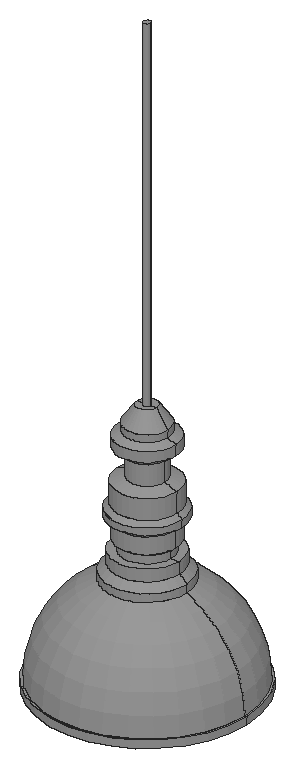
Revit family "265100 - Interior Lighting - Pendant 0002", category Lighting Fixtures, Revit 2017
Family settings
  Round Connector Dimension = Use Diameter
  Part Type = Normal
  OmniClass Number = 23.80.70.00
  OmniClass Title = Lighting
  Work Plane-Based = No
  Always vertical = Yes
  Cut with Voids When Loaded = No
  Light Source = Yes
  Shared = No
  Room Calculation Point = No
Parameters
  glass = PENDANT LIGHT FIXTURES
  Wattage = 12.1178 W
  built-in parameter 1150110 = 1 (stored number, unit not read)
  built-in parameter 1114217 = 1 (stored number, unit not read)
  Tilt Angle = 90.00°
  built-in parameter 1150109 = 1 (stored number, unit not read)
  built-in parameter 1150134 = (empty or 0)
  built-in parameter 1150113 = 1 (stored number, unit not read)
  built-in parameter 1010507 = 0.7854 (stored number, unit not read)
  built-in parameter 1010506 = 0.7854 (stored number, unit not read)
  Pendant Length [instance] = 3' - 9.90217"
  Lumens = 1800 lm
  built-in parameter 1150115 = 1 (stored number, unit not read)
  built-in parameter 1150105 = 6018.4 (stored number, unit not read)
  LightingMaterial_2 = Lamp2
  Light Source Symbol Length = 10' - 0"
  Light Material = WALL SCONCE
  built-in parameter 1150137 = (empty or 0)
  built-in parameter 1150139 = (empty or 0)
  built-in parameter 1150112 = 1 (stored number, unit not read)
  built-in parameter 1150114 = 1 (stored number, unit not read)
  built-in parameter 1150132 = 2
  built-in parameter 1150102 = (empty or 0)
  built-in parameter 1150138 = (empty or 0)
  built-in parameter 1150107 = 3000 (stored number, unit not read)
  built-in parameter 1150106 = 60.184 (stored number, unit not read)
  built-in parameter 1150104 = 13.8 (stored number, unit not read)
  Dimming Lamp Color Temperature Shift = (empty or 0)
  Cost = 132.6
  Cord = WALL SCONCE
  Color Filter = 16777215
  built-in parameter 1114218 = 1 (stored number, unit not read)
  built-in parameter 1150133 = 10 (stored number, unit not read)
Reference planes (in)
  plane 1 "Light Source Axis (F/B)": y = 0
  plane 2: z = 0
  plane 3 "Light Source Axis (L/R)": x = 0
  plane 4 "Light Source Elevation": z = 46.64284
  plane 5: z = 92.545
  plane 6: z = 66.14284
Forms (in)
  Extrusion 1, solid, material "WALL SCONCE" <- "Cord"
    sketch origin (0, 0, 0) x (1, 0, 0) y (0, 1, 0)
      loop
        circle (0, 0) r 0.25
    from 66.14284 to 92.545
  Revolve 2, solid, material "WALL SCONCE" <- "Light Material"
    sketch origin (16.72631, 0, -0.18139) x (1, 0, 0) y (0, 0, 1)
      loop
        line (-16.72631, 56.32423) -> (-19.22631, 56.32423) -> (-19.22631, 55.44728) -> (-19.75664, 54.91695) -> (-19.75664, 54.32265)
        arc (-19.75664, 54.32265) -> (-23.02547, 51.52695) -> (-24.24991, 47.40361) r 7.58975
        line (-24.24991, 47.40361) -> (-24.40353, 47.40361) -> (-24.40353, 46.82423) -> (-23.72705, 46.82423)
        arc (-23.72705, 46.82423) -> (-21.89305, 52.17673) -> (-16.72631, 54.48272) r 7.08975
        line (-16.72631, 54.48272) -> (-16.72631, 56.32423)
      axis (-16.72631, 56.32423) -> (-16.72631, 46.82423)
    angle from 0 to 360
  Revolve 3, solid, material "Lamp2" <- "LightingMaterial_2"
    sketch origin (16.72631, 0, -0.18139) x (1, 0, 0) y (0, 0, 1)
      loop
        line (-16.72631, 56.32423) -> (-14.86133, 56.32423) -> (-14.86133, 56.92187) -> (-14.52826, 57.15509) -> (-14.52826, 58.40509) -> (-14.05417, 58.73705) -> (-14.05417, 59.23705) -> (-14.40772, 59.59061) -> (-14.40772, 61.09061) -> (-15.34741, 61.43263) -> (-15.34741, 62.93263) -> (-14.52826, 63.5062) -> (-14.52826, 64.2562) -> (-15.11595, 64.5955) -> (-15.11595, 65.0955) -> (-15.97631, 66.32423) -> (-16.72631, 66.32423) -> (-16.72631, 56.32423)
      axis (-16.72631, 56.32423) -> (-16.72631, 66.32423)
    angle from 0 to 360
Dimensions and locks (in)
  "Pendant Length": plane 5 to plane 4 "Light Source Elevation"
  locked: plane 4 "Light Source Elevation" to plane 6 at 19.5
  aligned and locked: plane 3 "Light Source Axis (L/R)" to imposter light
  aligned and locked: plane 1 "Light Source Axis (F/B)" to imposter light
  aligned and locked: plane 4 "Light Source Elevation" to imposter light
  aligned and locked: level to plane 2
  aligned and locked: plane 5 to Extrusion 1
  aligned and locked: Extrusion 1 to plane 6
Automatic sketch dimensions
  plane 1 "Light Source Axis (F/B)" to Extrusion 1 sketch curve = 0' - 0"
  Extrusion 1 sketch curve to plane 3 "Light Source Axis (L/R)" = 0' - 0"
  Revolve 2 sketch curve to Revolve 2 sketch curve = 0' - 0"  (x4)
  Revolve 2 sketch curve to plane 4 "Light Source Elevation" = 0' - 0.57938"
  Revolve 2 sketch curve to plane 3 "Light Source Axis (L/R)" = 0' - 7.67722"
  Revolve 2 sketch curve to Revolve 2 sketch curve = 0' - 0.15361"
  Revolve 2 sketch curve to plane 4 "Light Source Elevation" = 0' - 0"
  Revolve 2 sketch curve to Revolve 2 sketch curve = 0' - 0.67648"
  Revolve 2 sketch curve to Revolve 2 sketch curve = 0' - 4.49327"
  Revolve 2 sketch curve to Revolve 2 sketch curve = 0' - 0.53033"  (x2)
  Revolve 2 sketch curve to Revolve 2 sketch curve = 0' - 2 1/2"
  Revolve 2 sketch curve to plane 4 "Light Source Elevation" = 0' - 0.56904"
  Revolve 2 sketch curve to Revolve 2 sketch curve = 0' - 0.06615"
  Revolve 2 sketch curve to Revolve 2 sketch curve = 0' - 0.59431"
  Revolve 2 sketch curve to Revolve 2 sketch curve = 0' - 1.84151"
  plane 4 "Light Source Elevation" to Revolve 2 sketch curve = 0' - 3"
  Revolve 3 sketch curve to plane 3 "Light Source Axis (L/R)" = 0' - 0"
  Revolve 3 sketch curve to Revolve 3 sketch curve = 0' - 0 3/4"  (x2)
  Revolve 3 sketch curve to Revolve 3 sketch curve = 0' - 0 161/256"
  Revolve 3 sketch curve to Revolve 3 sketch curve = 0' - 0.23147"
  Revolve 3 sketch curve to Revolve 3 sketch curve = 0' - 1.86498"
  Revolve 3 sketch curve to Revolve 3 sketch curve = 0' - 0.33307"
  Revolve 3 sketch curve to Revolve 3 sketch curve = 0' - 0.58768"
  Revolve 3 sketch curve to Revolve 3 sketch curve = 0' - 0.93969"
  Revolve 3 sketch curve to Revolve 3 sketch curve = 0' - 0.47409"
  Revolve 3 sketch curve to plane 4 "Light Source Elevation" = 0' - 9 1/2"
  Revolve 3 sketch curve to Revolve 3 sketch curve = 0' - 0 153/256"
  Revolve 3 sketch curve to Revolve 3 sketch curve = 0' - 0.23322"
  Revolve 3 sketch curve to Revolve 3 sketch curve = 0' - 1 1/4"
  Revolve 3 sketch curve to Revolve 3 sketch curve = 0' - 0.33196"
  Revolve 3 sketch curve to Revolve 3 sketch curve = 0' - 0 1/2"  (x2)
  Revolve 3 sketch curve to Revolve 3 sketch curve = 0' - 0.35355"
  Revolve 3 sketch curve to Revolve 3 sketch curve = 0' - 1 1/2"  (x2)
  Revolve 3 sketch curve to Revolve 3 sketch curve = 0' - 0.34202"
  Revolve 3 sketch curve to Revolve 3 sketch curve = 0' - 0.57358"
  Revolve 3 sketch curve to Revolve 3 sketch curve = 0' - 0.3393"
  Revolve 3 sketch curve to Revolve 3 sketch curve = 0' - 1.22873"
  Revolve 3 sketch curve to Revolve 3 sketch curve = 0' - 0"  (x2)
  Revolve 3 sketch curve to Revolve 3 sketch curve = 0' - 2 1/4"
  radius of Extrusion 1 sketch curve = 0' - 0 1/4"
